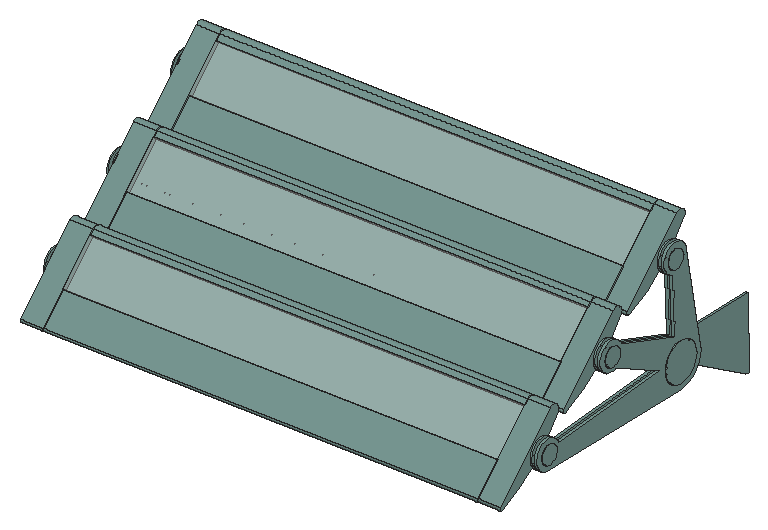
Revit family "kawneer - 1600 powershade - photovoltaic panel_16446", category Generic Models, Revit 2015 (continued)
Automatic sketch dimensions
  Extrusion 29 sketch curve to Extrusion 29 sketch curve = 0' - 1.23192"
  Extrusion 29 sketch curve to Extrusion 29 sketch curve = 0' - 9.23199"
  Extrusion 29 sketch curve to Extrusion 29 sketch curve = 0' - 0.79263"
  Extrusion 29 sketch curve to Extrusion 29 sketch curve = 0' - 0.69472"
  Extrusion 29 sketch curve to Extrusion 29 sketch curve = 0' - 1.75795"  (x2)
  Extrusion 29 sketch curve to Extrusion 29 sketch curve = 0' - 11.19773"
  Extrusion 29 sketch curve to Extrusion 29 sketch curve = 0' - 0.80107"
  Extrusion 29 sketch curve to Extrusion 29 sketch curve = 0' - 0.00003"
  Extrusion 29 sketch curve to Extrusion 29 sketch curve = 0' - 0.00101"
  Extrusion 29 sketch curve to Extrusion 29 sketch curve = 0' - 0.01187"
  Extrusion 29 sketch curve to Extrusion 29 sketch curve = 0' - 2 193/256"
  Extrusion 29 sketch curve to Extrusion 29 sketch curve = 0' - 0.09443"
  Extrusion 29 sketch curve to Extrusion 29 sketch curve = 0' - 4.89585"
  Extrusion 29 sketch curve to Extrusion 29 sketch curve = 0' - 0.09449"
  Extrusion 29 sketch curve to Extrusion 29 sketch curve = 0' - 0.59894"
  Extrusion 29 sketch curve to Extrusion 29 sketch curve = 0' - 4.87124"
  Extrusion 29 sketch curve to Extrusion 29 sketch curve = 0' - 5.10804"
  Extrusion 29 sketch curve to Extrusion 29 sketch curve = 0' - 2.54039"
  Extrusion 29 sketch curve to Extrusion 29 sketch curve = 0' - 11.11376"
  Extrusion 29 sketch curve to Extrusion 29 sketch curve = 0' - 2.63986"
  Extrusion 29 sketch curve to Extrusion 29 sketch curve = 0' - 0.02539"
  Extrusion 23 sketch curve to Extrusion 23 sketch curve = 0' - 0"  (x2)
  Extrusion 23 sketch curve to Extrusion 23 sketch curve = 0' - 0.03518"
  Extrusion 23 sketch curve to Extrusion 23 sketch curve = 0' - 3.65728"
  Extrusion 23 sketch curve to Extrusion 23 sketch curve = 1' - 1.29335"
  Extrusion 23 sketch curve to Extrusion 23 sketch curve = 0' - 0.49966"
  Extrusion 23 sketch curve to Extrusion 23 sketch curve = 0' - 4.22989"
  Extrusion 23 sketch curve to Extrusion 23 sketch curve = 1' - 2.01634"
  Extrusion 23 sketch curve to Extrusion 23 sketch curve = 0' - 0.00525"
  Extrusion 24 sketch curve to Extrusion 24 sketch curve = 0' - 0"  (x2)
  Extrusion 24 sketch curve to Extrusion 24 sketch curve = 0' - 3.73003"
  Extrusion 25 sketch curve to Extrusion 25 sketch curve = 0' - 0"  (x12)
  Extrusion 25 sketch curve to Extrusion 25 sketch curve = 0' - 3.35872"
  Extrusion 25 sketch curve to Extrusion 25 sketch curve = 0' - 4.81592"
  Extrusion 25 sketch curve to Extrusion 25 sketch curve = 0' - 0.00179"
  Extrusion 25 sketch curve to Extrusion 25 sketch curve = 0' - 0.1607"
  Extrusion 25 sketch curve to Extrusion 25 sketch curve = 0' - 2.70896"
  Extrusion 25 sketch curve to Extrusion 25 sketch curve = 0' - 1.20352"
  Extrusion 25 sketch curve to Extrusion 25 sketch curve = 0' - 0.13877"
  Extrusion 25 sketch curve to Extrusion 25 sketch curve = 0' - 0.55441"
  Extrusion 25 sketch curve to Extrusion 25 sketch curve = 0' - 4.96195"
  Extrusion 25 sketch curve to Extrusion 25 sketch curve = 0' - 9.23199"
  Extrusion 25 sketch curve to Extrusion 25 sketch curve = 0' - 1.48735"
  Extrusion 25 sketch curve to Extrusion 25 sketch curve = 0' - 2.55058"
  Extrusion 25 sketch curve to Extrusion 25 sketch curve = 1' - 2.0189"
  Extrusion 25 sketch curve to Extrusion 25 sketch curve = 0' - 2.55902"
  Extrusion 25 sketch curve to Extrusion 25 sketch curve = 0' - 0.00003"
  Extrusion 25 sketch curve to Extrusion 25 sketch curve = 0' - 0.00101"
  Extrusion 25 sketch curve to Extrusion 25 sketch curve = 0' - 0.01187"
  Extrusion 25 sketch curve to Extrusion 25 sketch curve = 0' - 2 193/256"
  Extrusion 25 sketch curve to Extrusion 25 sketch curve = 0' - 0.09443"
  Extrusion 25 sketch curve to Extrusion 25 sketch curve = 0' - 4.89585"
  Extrusion 25 sketch curve to Extrusion 25 sketch curve = 0' - 0.09449"
  Extrusion 25 sketch curve to Extrusion 25 sketch curve = 0' - 0.59894"
  Extrusion 25 sketch curve to Extrusion 25 sketch curve = 0' - 4.87124"
  Extrusion 25 sketch curve to Extrusion 25 sketch curve = 0' - 5.10804"
  Extrusion 25 sketch curve to Extrusion 25 sketch curve = 0' - 2.54039"
  Extrusion 25 sketch curve to Extrusion 25 sketch curve = 0' - 11.11376"
  Extrusion 25 sketch curve to Extrusion 25 sketch curve = 0' - 2.63986"
  Extrusion 25 sketch curve to Extrusion 25 sketch curve = 0' - 0.02539"
  Extrusion 25 sketch curve to Extrusion 25 sketch curve = 0' - 1.24659"
  Extrusion 25 sketch curve to Extrusion 25 sketch curve = 0' - 1.08978"
  Extrusion 25 sketch curve to Extrusion 25 sketch curve = 0' - 0.79263"
  Extrusion 25 sketch curve to Extrusion 25 sketch curve = 0' - 0.80107"
  Extrusion 26 sketch curve to Extrusion 26 sketch curve = 0' - 0"  (x9)
  Extrusion 26 sketch curve to Extrusion 26 sketch curve = 0' - 3.35872"
  Extrusion 26 sketch curve to Extrusion 26 sketch curve = 0' - 4.81592"
  Extrusion 26 sketch curve to Extrusion 26 sketch curve = 0' - 0.00179"
  Extrusion 26 sketch curve to Extrusion 26 sketch curve = 0' - 0.1607"
  Extrusion 26 sketch curve to Extrusion 26 sketch curve = 0' - 2.70896"
  Extrusion 26 sketch curve to Extrusion 26 sketch curve = 0' - 1.20352"
  Extrusion 26 sketch curve to Extrusion 26 sketch curve = 0' - 0.13877"
  Extrusion 26 sketch curve to Extrusion 26 sketch curve = 0' - 0.55441"
  Extrusion 26 sketch curve to Extrusion 26 sketch curve = 0' - 4.96195"
  Extrusion 26 sketch curve to Extrusion 26 sketch curve = 0' - 9.23199"
  Extrusion 26 sketch curve to Extrusion 26 sketch curve = 0' - 1.48735"
  Extrusion 26 sketch curve to Extrusion 26 sketch curve = 0' - 2.55058"
  Extrusion 26 sketch curve to Extrusion 26 sketch curve = 1' - 2.0189"
  Extrusion 26 sketch curve to Extrusion 26 sketch curve = 0' - 2.55902"
  Extrusion 26 sketch curve to Extrusion 26 sketch curve = 0' - 0.00003"
  Extrusion 26 sketch curve to Extrusion 26 sketch curve = 0' - 0.00101"
  Extrusion 26 sketch curve to Extrusion 26 sketch curve = 0' - 0.01187"
  Extrusion 26 sketch curve to Extrusion 26 sketch curve = 0' - 2 193/256"
  Extrusion 26 sketch curve to Extrusion 26 sketch curve = 0' - 0.09443"
  Extrusion 26 sketch curve to Extrusion 26 sketch curve = 0' - 4.89585"
  Extrusion 26 sketch curve to Extrusion 26 sketch curve = 0' - 0.09449"
  Extrusion 26 sketch curve to Extrusion 26 sketch curve = 0' - 0.59894"
  Extrusion 26 sketch curve to Extrusion 26 sketch curve = 0' - 4.87124"
  Extrusion 26 sketch curve to Extrusion 26 sketch curve = 0' - 5.10804"
  Extrusion 26 sketch curve to Extrusion 26 sketch curve = 0' - 2.54039"
  Extrusion 26 sketch curve to Extrusion 26 sketch curve = 0' - 0.39131"
  Extrusion 26 sketch curve to Extrusion 26 sketch curve = 0' - 11.11376"
  Extrusion 26 sketch curve to Extrusion 26 sketch curve = 0' - 2.63986"
  Extrusion 26 sketch curve to Extrusion 26 sketch curve = 0' - 0.02539"
  Extrusion 26 sketch curve to Extrusion 26 sketch curve = 0' - 1.24659"
  Extrusion 26 sketch curve to Extrusion 26 sketch curve = 0' - 1.08978"
  Extrusion 26 sketch curve to Extrusion 26 sketch curve = 0' - 0.79263"
  Extrusion 26 sketch curve to Extrusion 26 sketch curve = 0' - 0.80107"
  Extrusion 19 sketch curve to Extrusion 19 sketch curve = 0' - 0"  (x2)
  Extrusion 19 sketch curve to Extrusion 19 sketch curve = 0' - 0.03518"
  Extrusion 19 sketch curve to Extrusion 19 sketch curve = 0' - 3.65728"
  Extrusion 19 sketch curve to Extrusion 19 sketch curve = 1' - 1.29335"
  Extrusion 19 sketch curve to Extrusion 19 sketch curve = 0' - 0.49966"
  Extrusion 19 sketch curve to Extrusion 19 sketch curve = 0' - 4.22989"
  Extrusion 19 sketch curve to Extrusion 19 sketch curve = 1' - 2.01634"
  Extrusion 19 sketch curve to Extrusion 19 sketch curve = 0' - 0.00525"
  Extrusion 20 sketch curve to Extrusion 20 sketch curve = 0' - 0"  (x2)
  Extrusion 20 sketch curve to Extrusion 20 sketch curve = 0' - 3.73003"
  Extrusion 21 sketch curve to Extrusion 21 sketch curve = 0' - 0"  (x12)
  Extrusion 21 sketch curve to Extrusion 21 sketch curve = 0' - 3.35872"
  Extrusion 21 sketch curve to Extrusion 21 sketch curve = 0' - 4.81592"
  Extrusion 21 sketch curve to Extrusion 21 sketch curve = 0' - 0.00179"
  Extrusion 21 sketch curve to Extrusion 21 sketch curve = 0' - 0.1607"
  Extrusion 21 sketch curve to Extrusion 21 sketch curve = 0' - 2.70896"
  Extrusion 21 sketch curve to Extrusion 21 sketch curve = 0' - 1.20352"
  Extrusion 21 sketch curve to Extrusion 21 sketch curve = 0' - 0.13877"
  Extrusion 21 sketch curve to Extrusion 21 sketch curve = 0' - 0.55441"
  Extrusion 21 sketch curve to Extrusion 21 sketch curve = 0' - 4.96195"
  Extrusion 21 sketch curve to Extrusion 21 sketch curve = 0' - 9.23199"
  Extrusion 21 sketch curve to Extrusion 21 sketch curve = 0' - 1.48735"
  Extrusion 21 sketch curve to Extrusion 21 sketch curve = 0' - 2.55058"
  Extrusion 21 sketch curve to Extrusion 21 sketch curve = 1' - 2.0189"
  Extrusion 21 sketch curve to Extrusion 21 sketch curve = 0' - 2.55902"
  Extrusion 21 sketch curve to Extrusion 21 sketch curve = 0' - 0.00003"
  Extrusion 21 sketch curve to Extrusion 21 sketch curve = 0' - 0.00101"
  Extrusion 21 sketch curve to Extrusion 21 sketch curve = 0' - 0.01187"
  Extrusion 21 sketch curve to Extrusion 21 sketch curve = 0' - 2 193/256"
  Extrusion 21 sketch curve to Extrusion 21 sketch curve = 0' - 0.09443"
  Extrusion 21 sketch curve to Extrusion 21 sketch curve = 0' - 4.89585"
  Extrusion 21 sketch curve to Extrusion 21 sketch curve = 0' - 0.09449"
  Extrusion 21 sketch curve to Extrusion 21 sketch curve = 0' - 0.59894"
  Extrusion 21 sketch curve to Extrusion 21 sketch curve = 0' - 4.87124"
  Extrusion 21 sketch curve to Extrusion 21 sketch curve = 0' - 5.10804"
  Extrusion 21 sketch curve to Extrusion 21 sketch curve = 0' - 2.54039"
  Extrusion 21 sketch curve to Extrusion 21 sketch curve = 0' - 11.11376"
  Extrusion 21 sketch curve to Extrusion 21 sketch curve = 0' - 2.63986"
  Extrusion 21 sketch curve to Extrusion 21 sketch curve = 0' - 0.02539"
  Extrusion 21 sketch curve to Extrusion 21 sketch curve = 0' - 1.24659"
  Extrusion 21 sketch curve to Extrusion 21 sketch curve = 0' - 1.08978"
  Extrusion 21 sketch curve to Extrusion 21 sketch curve = 0' - 0.79263"
  Extrusion 21 sketch curve to Extrusion 21 sketch curve = 0' - 0.80107"
  Extrusion 22 sketch curve to Extrusion 22 sketch curve = 0' - 0"  (x9)
  Extrusion 22 sketch curve to Extrusion 22 sketch curve = 0' - 3.35872"
  Extrusion 22 sketch curve to Extrusion 22 sketch curve = 0' - 4.81592"
  Extrusion 22 sketch curve to Extrusion 22 sketch curve = 0' - 0.00179"
  Extrusion 22 sketch curve to Extrusion 22 sketch curve = 0' - 0.1607"
  Extrusion 22 sketch curve to Extrusion 22 sketch curve = 0' - 2.70896"
  Extrusion 22 sketch curve to Extrusion 22 sketch curve = 0' - 1.20352"
  Extrusion 22 sketch curve to Extrusion 22 sketch curve = 0' - 0.13877"
  Extrusion 22 sketch curve to Extrusion 22 sketch curve = 0' - 0.55441"
  Extrusion 22 sketch curve to Extrusion 22 sketch curve = 0' - 4.96195"
  Extrusion 22 sketch curve to Extrusion 22 sketch curve = 0' - 9.23199"
  Extrusion 22 sketch curve to Extrusion 22 sketch curve = 0' - 1.48735"
  Extrusion 22 sketch curve to Extrusion 22 sketch curve = 0' - 2.55058"
  Extrusion 22 sketch curve to Extrusion 22 sketch curve = 1' - 2.0189"
  Extrusion 22 sketch curve to Extrusion 22 sketch curve = 0' - 2.55902"
  Extrusion 22 sketch curve to Extrusion 22 sketch curve = 0' - 0.00003"
  Extrusion 22 sketch curve to Extrusion 22 sketch curve = 0' - 0.00101"
  Extrusion 22 sketch curve to Extrusion 22 sketch curve = 0' - 0.01187"
  Extrusion 22 sketch curve to Extrusion 22 sketch curve = 0' - 2 193/256"
  Extrusion 22 sketch curve to Extrusion 22 sketch curve = 0' - 0.09443"
  Extrusion 22 sketch curve to Extrusion 22 sketch curve = 0' - 4.89585"
  Extrusion 22 sketch curve to Extrusion 22 sketch curve = 0' - 0.09449"
  Extrusion 22 sketch curve to Extrusion 22 sketch curve = 0' - 0.59894"
  Extrusion 22 sketch curve to Extrusion 22 sketch curve = 0' - 4.87124"
  Extrusion 22 sketch curve to Extrusion 22 sketch curve = 0' - 5.10804"
  Extrusion 22 sketch curve to Extrusion 22 sketch curve = 0' - 2.54039"
  Extrusion 22 sketch curve to Extrusion 22 sketch curve = 0' - 0.39131"
  Extrusion 22 sketch curve to Extrusion 22 sketch curve = 0' - 11.11376"
  Extrusion 22 sketch curve to Extrusion 22 sketch curve = 0' - 2.63986"
  Extrusion 22 sketch curve to Extrusion 22 sketch curve = 0' - 0.02539"
  Extrusion 22 sketch curve to Extrusion 22 sketch curve = 0' - 1.24659"
  Extrusion 22 sketch curve to Extrusion 22 sketch curve = 0' - 1.08978"
  Extrusion 22 sketch curve to Extrusion 22 sketch curve = 0' - 0.79263"
  Extrusion 22 sketch curve to Extrusion 22 sketch curve = 0' - 0.80107"
  Extrusion 10 sketch curve to Extrusion 10 sketch curve = 0' - 0"  (x21)
  Extrusion 10 sketch curve to Extrusion 10 sketch curve = 0' - 9.62978"
  Extrusion 10 sketch curve to Extrusion 10 sketch curve = 0' - 0.24748"  (x6)
  Extrusion 10 sketch curve to Extrusion 10 sketch curve = 1' - 3.51469"  (x2)
  Extrusion 10 sketch curve to Extrusion 10 sketch curve = 0' - 9.43983"  (x3)
  Extrusion 10 sketch curve to Extrusion 10 sketch curve = 0' - 3.23007"  (x3)
  Extrusion 10 sketch curve to Extrusion 10 sketch curve = 0' - 2.59731"  (x2)
  Extrusion 10 sketch curve to Extrusion 10 sketch curve = 0' - 5.90902"  (x3)
  Extrusion 10 sketch curve to Extrusion 10 sketch curve = 0' - 4.46848"  (x2)
  Extrusion 10 sketch curve to Extrusion 10 sketch curve = 0' - 0.9835"  (x2)
  Extrusion 10 sketch curve to Extrusion 10 sketch curve = 1' - 1.61763"
  Extrusion 10 sketch curve to Extrusion 10 sketch curve = 0' - 5.69946"
  Extrusion 10 sketch curve to Extrusion 10 sketch curve = 0' - 10.37749"  (x2)
  Extrusion 10 sketch curve to Extrusion 10 sketch curve = 0' - 1.19543"  (x3)
  Extrusion 10 sketch curve to Extrusion 10 sketch curve = 0' - 1.28892"  (x3)
  Extrusion 10 sketch curve to Extrusion 10 sketch curve = 0' - 0.77819"  (x3)
  Extrusion 10 sketch curve to Extrusion 10 sketch curve = 0' - 0.11571"  (x3)
  curve 2 to curve 2 = 1' - 2.49569"  (x2)
  Extrusion 2 sketch curve to Extrusion 2 sketch curve = 0' - 0"  (x9)
  Extrusion 2 sketch curve to Extrusion 2 sketch curve = 0' - 0.74385"  (x2)
  Extrusion 2 sketch curve to Extrusion 2 sketch curve = 0' - 2"  (x2)
  Extrusion 2 sketch curve to Extrusion 2 sketch curve = 1' - 4.38115"
  Extrusion 2 sketch curve to Extrusion 2 sketch curve = 0' - 1"  (x3)
  Extrusion 2 sketch curve to Extrusion 2 sketch curve = 0' - 4"
  Extrusion 2 sketch curve to Extrusion 2 sketch curve = 0' - 0 1/4"  (x4)
  Extrusion 3 sketch curve to Extrusion 3 sketch curve = 0' - 0"  (x5)
  Extrusion 3 sketch curve to Extrusion 3 sketch curve = 0' - 1.27587"  (x2)
  Extrusion 3 sketch curve to Extrusion 3 sketch curve = 0' - 2"  (x2)
  Extrusion 3 sketch curve to Extrusion 3 sketch curve = 0' - 1.00115"
  Extrusion 3 sketch curve to Extrusion 3 sketch curve = 0' - 0.093"  (x2)
  Extrusion 3 sketch curve to Extrusion 3 sketch curve = 0' - 0 3/4"  (x3)
  Extrusion 3 sketch curve to Extrusion 3 sketch curve = 0' - 4"
  radius of Extrusion 1 sketch curve = 0' - 3.73003"
  radius of Extrusion 6 sketch curve = 0' - 1.75795"  (x3)
  radius of Extrusion 33 sketch curve = 0' - 3.73003"
  radius of Extrusion 11 sketch curve = 0' - 3.73003"
  radius of Extrusion 27 sketch curve = 0' - 3.73003"
  radius of Extrusion 23 sketch curve = 0' - 3.73003"
  radius of Extrusion 19 sketch curve = 0' - 3.73003"
  radius of Extrusion 3 sketch curve = 0' - 0 1/4"  (x4)
